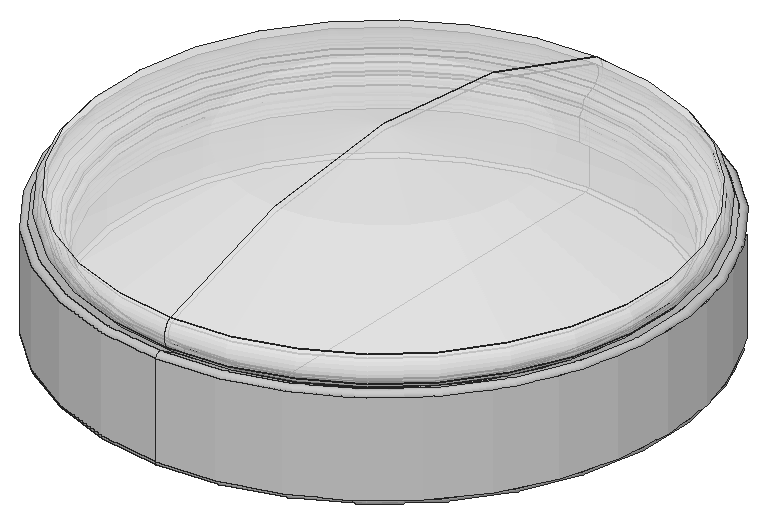
Revit family "2-6135-24 Journey", category Lighting Fixtures, Revit 2014
Parameters
  Wattage = 5.29143 W
  built-in parameter 1150110 = 1 (stored number, unit not read)
  URL = "http://www.oxygenlighting.com"
  Type Comments = "Lighting - Fluorescent"
  built-in parameter 1114217 = 1 (stored number, unit not read)
  Tilt Angle = -90.00°
  built-in parameter 1150109 = 1 (stored number, unit not read)
  built-in parameter 1150134 = 9
  built-in parameter 1150113 = 1 (stored number, unit not read)
  Product Documentation Link = "http://oxygenlighting.com.s3.amazonaws.com/downloads/cutsheets/2-6135-24.pdf"
  Photometric Web File = "2-6135-24 Journey  14 ITL77199.IES"
  Model = "2-6114-24"
  Metal Finish = Satin Nickel
  Manufacturer = "Oxygen Lighting"
  built-in parameter 1150105 = 47.574 (stored number, unit not read)
  Lumens = 786 lm
  built-in parameter 1150115 = 1 (stored number, unit not read)
  built-in parameter 1150137 = (empty or 0)
  built-in parameter 1150139 = (empty or 0)
  built-in parameter 1150112 = 1 (stored number, unit not read)
  Lamp Manufacturer = "Sylvania CF26DD/E/830"
  built-in parameter 1150114 = 1 (stored number, unit not read)
  Lamp = "2x26W Double Twin Tube Compact Fluorescent"
  Junction Box = "4' Octagonal"
  Input Voltage (Volts AC) = "120"
  Power Factor = "0.99"
  Input Power (Watts) = "41.8"
  Input Current (Amps AC) = ""
  built-in parameter 1150132 = 2
  built-in parameter 1150102 = (empty or 0)
  built-in parameter 1150107 = 3450 (stored number, unit not read)
  built-in parameter 1150138 = (empty or 0)
  built-in parameter 1150106 = 0.47574 (stored number, unit not read)
  Fixture Height = 0' - 4.50049"
  Fixture Diameter = 1' - 2.05556"
  Emit from Circle Diameter = 2' - 0"
  Emit Shape Visible in Rendering = no
  Efficacy (lm/W) = ""
  built-in parameter 1150104 = 13.8 (stored number, unit not read)
  Dimming Lamp Color Temperature Shift = <None>
  Diffuser = Matte White Acrylic
  Description = "14\" dia. ceiling mount"
  Default Elevation = 4' - 0"
  Color Filter = 16777215
  Ballast Manufacturer = "Antron Electronics CSS-UV42PS"
  built-in parameter 1114218 = 1 (stored number, unit not read)
  built-in parameter 1150133 = 10 (stored number, unit not read)
  Apparent Load = 41.8 VA
Reference planes (in)
  plane 1 "Light Source Axis (F/B)": y = 0
  plane 2: z = 0
  plane 3 "Light Source Axis (L/R)": x = 0
  plane 4 "Light Source Elevation": z = 4.50049
  plane 5: x = -7.02778
  plane 6: x = 7.02778
  plane 7: y = -6.97
  plane 8: y = 6.97
  plane 9: z = 4.50049
Forms (in)
  Revolve 1, solid, material "Satin Nickel" <- "Metal Finish"
    sketch origin (0, 0, 0) x (0, 1, 0) y (0, 0, 1)
      loop
        arc (7.02778, 2.38948) -> (6.97625, 2.48294) -> (6.86901, 2.49072) r 0.11052
        line (6.86901, 2.49072) -> (6.40441, 2.25827)
        arc (6.40441, 2.25827) -> (6.35356, 2.21179) -> (6.33474, 2.14552) r 0.12608
        line (6.33474, 2.14552) -> (6.33474, 1.96661)
        arc (6.33474, 1.96661) -> (6.32326, 1.9305) -> (6.29304, 1.90764) r 0.06255
        arc (6.29304, 1.90764) -> (6.20964, 1.7897) -> (6.29304, 1.67176) r 0.12509
        arc (6.29304, 1.67176) -> (6.32326, 1.6489) -> (6.33474, 1.61279) r 0.06255
        line (6.33474, 1.61279) -> (6.33474, 0.31434)
        arc (6.33474, 0.31434) -> (6.30061, 0.26777) -> (6.24567, 0.25) r 0.09382
        line (6.24567, 0.25) -> (0, 0.25) -> (0, 0) -> (6.91725, 0)
        arc (6.91725, 0) -> (6.99541, 0.03237) -> (7.02778, 0.11052) r 0.11052
        line (7.02778, 0.11052) -> (7.02778, 2.38948)
      axis (0, 2.49072) -> (0, 0)
    angle from 0 to 360
  Revolve 2, solid, material "Matte White Acrylic" <- "Diffuser"
    sketch origin (0, 0, 0) x (0, 1, 0) y (0, 0, 1)
      loop
        line (0, 4.50049) -> (0, 4.35745)
        arc (0, 4.35745) -> (3.33722, 4.00672) -> (6.5289, 2.97079) r 16.07473
        arc (6.5289, 2.97079) -> (6.62629, 2.74506) -> (6.54356, 2.51356) r 0.33537
        arc (6.54356, 2.51356) -> (6.49818, 2.47148) -> (6.44779, 2.43554) r 0.48243
        line (6.44779, 2.43554) -> (6.25085, 2.36184)
        arc (6.25085, 2.36184) -> (6.18011, 2.3068) -> (6.15335, 2.22125) r 0.15011
        line (6.15335, 2.22125) -> (6.15335, 2.12586)
        arc (6.15335, 2.12586) -> (6.08474, 2.05925) -> (6.05953, 1.96701) r 0.18139
        line (6.05953, 1.96701) -> (6.05953, 1.43138) -> (6.20964, 1.43138)
        arc (6.20964, 1.43138) -> (6.25387, 1.4497) -> (6.27219, 1.49393) r 0.06255
        line (6.27219, 1.49393) -> (6.27219, 1.63115)
        arc (6.27219, 1.63115) -> (6.25387, 1.67537) -> (6.20964, 1.69369) r 0.06255
        line (6.20964, 1.69369) -> (6.20964, 1.96701)
        arc (6.20964, 1.96701) -> (6.21619, 1.98616) -> (6.2331, 1.99729) r 0.03127
        arc (6.2331, 1.99729) -> (6.28382, 2.03067) -> (6.30347, 2.08813) r 0.09382
        line (6.30347, 2.08813) -> (6.30347, 2.22125) -> (6.52771, 2.3281)
        arc (6.52771, 2.3281) -> (6.62006, 2.40684) -> (6.69783, 2.5) r 0.71781
        arc (6.69783, 2.5) -> (6.76189, 2.82275) -> (6.58702, 3.10149) r 0.44564
        arc (6.58702, 3.10149) -> (3.36692, 4.14663) -> (0, 4.50049) r 16.21777
      axis (0, 4.50049) -> (0, 1.43138)
    angle from 0 to 360
  Revolve 3, solid, material "Satin Nickel" <- "Metal Finish", not visible
    sketch origin (0, 0, 0) x (0, 1, 0) y (0, 0, 1)
      loop
        arc (7.02778, 2.38948) -> (6.97625, 2.48294) -> (6.86901, 2.49072) r 0.11052
        line (6.86901, 2.49072) -> (6.40441, 2.25827)
        arc (6.40441, 2.25827) -> (6.35356, 2.21179) -> (6.33474, 2.14552) r 0.12608
        line (6.33474, 2.14552) -> (6.33474, 1.96661)
        arc (6.33474, 1.96661) -> (6.32326, 1.9305) -> (6.29304, 1.90764) r 0.06255
        arc (6.29304, 1.90764) -> (6.20964, 1.7897) -> (6.29304, 1.67176) r 0.12509
        arc (6.29304, 1.67176) -> (6.32326, 1.6489) -> (6.33474, 1.61279) r 0.06255
        line (6.33474, 1.61279) -> (6.33474, 0.31434)
        arc (6.33474, 0.31434) -> (6.30061, 0.26777) -> (6.24567, 0.25) r 0.09382
        line (6.24567, 0.25) -> (0, 0.25) -> (0, 0) -> (6.91725, 0)
        arc (6.91725, 0) -> (6.99541, 0.03237) -> (7.02778, 0.11052) r 0.11052
        line (7.02778, 0.11052) -> (7.02778, 2.38948)
      axis (0, 2.49072) -> (0, 0)
    angle from 0 to 360
  Revolve 4, solid, material "Matte White Acrylic" <- "Diffuser", not visible
    sketch origin (0, 0, 0) x (0, 1, 0) y (0, 0, 1)
      loop
        line (0, 4.50049) -> (0, 4.35745)
        arc (0, 4.35745) -> (3.33722, 4.00672) -> (6.5289, 2.97079) r 16.07473
        arc (6.5289, 2.97079) -> (6.62629, 2.74506) -> (6.54356, 2.51356) r 0.33537
        arc (6.54356, 2.51356) -> (6.49818, 2.47148) -> (6.44779, 2.43554) r 0.48243
        line (6.44779, 2.43554) -> (6.25085, 2.36184)
        arc (6.25085, 2.36184) -> (6.18011, 2.3068) -> (6.15335, 2.22125) r 0.15011
        line (6.15335, 2.22125) -> (6.15335, 2.12586)
        arc (6.15335, 2.12586) -> (6.08474, 2.05925) -> (6.05953, 1.96701) r 0.18139
        line (6.05953, 1.96701) -> (6.05953, 1.43138) -> (6.20964, 1.43138)
        arc (6.20964, 1.43138) -> (6.25387, 1.4497) -> (6.27219, 1.49393) r 0.06255
        line (6.27219, 1.49393) -> (6.27219, 1.63115)
        arc (6.27219, 1.63115) -> (6.25387, 1.67537) -> (6.20964, 1.69369) r 0.06255
        line (6.20964, 1.69369) -> (6.20964, 1.96701)
        arc (6.20964, 1.96701) -> (6.21619, 1.98616) -> (6.2331, 1.99729) r 0.03127
        arc (6.2331, 1.99729) -> (6.28382, 2.03067) -> (6.30347, 2.08813) r 0.09382
        line (6.30347, 2.08813) -> (6.30347, 2.22125) -> (6.52771, 2.3281)
        arc (6.52771, 2.3281) -> (6.62006, 2.40684) -> (6.69783, 2.5) r 0.71781
        arc (6.69783, 2.5) -> (6.76189, 2.82275) -> (6.58702, 3.10149) r 0.44564
        arc (6.58702, 3.10149) -> (3.36692, 4.14663) -> (0, 4.50049) r 16.21777
      axis (0, 4.50049) -> (0, 1.43138)
    angle from 0 to 360
Dimensions and locks (in)
  "Fixture Diameter": plane 5 to plane 6
  equal spacing: plane 5, plane 3 "Light Source Axis (L/R)", plane 6, locked at 7.02778 each
  locked: plane 8 to plane 7 at 13.94
  "Fixture Height": plane 9 to level
  aligned and locked: level to plane 2
Automatic sketch dimensions
  Revolve 1 sketch curve to Revolve 1 sketch curve = 0' - 0"  (x3)
  Revolve 1 sketch curve to Revolve 1 sketch curve = 0' - 0.06255"  (x2)
  Revolve 1 sketch curve to Revolve 1 sketch curve = 0' - 0.12608"
  Revolve 1 sketch curve to Revolve 1 sketch curve = 0' - 0.06434"
  Revolve 1 sketch curve to Revolve 1 sketch curve = 0' - 1.26897"
  Revolve 1 sketch curve to Revolve 1 sketch curve = 0' - 0.17691"  (x2)
  Revolve 1 sketch curve to Revolve 1 sketch curve = 0' - 0.17891"
  Revolve 1 sketch curve to Revolve 1 sketch curve = 0' - 0.24396"
  Revolve 1 sketch curve to Revolve 1 sketch curve = 0' - 0.05641"
  Revolve 1 sketch curve to Revolve 1 sketch curve = 0' - 0.0007"
  Revolve 1 sketch curve to Revolve 1 sketch curve = 0' - 0.00147"
  Revolve 2 sketch curve to Revolve 2 sketch curve = 0' - 0"  (x13)
  Revolve 2 sketch curve to Revolve 2 sketch curve = 0' - 0.09382"
  Revolve 2 sketch curve to Revolve 2 sketch curve = 0' - 0.08364"
  Revolve 2 sketch curve to Revolve 2 sketch curve = 0' - 0.15011"  (x2)
  Revolve 2 sketch curve to Revolve 2 sketch curve = 0' - 0.05629"
  Revolve 2 sketch curve to Revolve 2 sketch curve = 0' - 0.03127"
  Revolve 2 sketch curve to Revolve 2 sketch curve = 0' - 0.0975"
  Revolve 2 sketch curve to Revolve 2 sketch curve = 0' - 0.06255"
  Revolve 2 sketch curve to Revolve 2 sketch curve = 0' - 0.09761"
  Revolve 2 sketch curve to Revolve 2 sketch curve = 0' - 0.03253"
  Revolve 2 sketch curve to Revolve 2 sketch curve = 0' - 0.19694"
  Revolve 2 sketch curve to Revolve 2 sketch curve = 0' - 0.07993"
  Revolve 2 sketch curve to Revolve 2 sketch curve = 0' - 0.14304"
  Revolve 2 sketch curve to Revolve 2 sketch curve = 0' - 0.06624"
  Revolve 2 sketch curve to Revolve 2 sketch curve = 0' - 0.10349"
  Revolve 2 sketch curve to Revolve 2 sketch curve = 0' - 0.0077"
  Revolve 2 sketch curve to Revolve 2 sketch curve = 0' - 0.30647"
  Revolve 2 sketch curve to Revolve 2 sketch curve = 0' - 0.0737"
  Revolve 2 sketch curve to Revolve 2 sketch curve = 0' - 0.10744"
  Revolve 2 sketch curve to Revolve 2 sketch curve = 0' - 0.0954"
  Revolve 2 sketch curve to Revolve 2 sketch curve = 0' - 0.03773"
  Revolve 2 sketch curve to Revolve 2 sketch curve = 0' - 0.27331"
  Revolve 2 sketch curve to Revolve 2 sketch curve = 0' - 0.13722"
  Revolve 2 sketch curve to Revolve 2 sketch curve = 0' - 0.20528"
  Revolve 2 sketch curve to Revolve 2 sketch curve = 0' - 0.05812"
  Revolve 2 sketch curve to Revolve 2 sketch curve = 0' - 1 1/2"
  Revolve 1 sketch curve to Revolve 1 sketch curve = 0' - 6.24567"
  Revolve 1 sketch curve to Revolve 1 sketch curve = 0' - 0.02652"
  Revolve 1 sketch curve to Revolve 1 sketch curve = 0' - 0.58251"
  Revolve 1 sketch curve to Revolve 1 sketch curve = 0' - 0.45643"
  Revolve 1 sketch curve to Revolve 1 sketch curve = 0' - 0.11052"
  Revolve 1 sketch curve to Revolve 1 sketch curve = 0' - 0.13948"
  Revolve 1 sketch curve to Revolve 1 sketch curve = 0' - 6.91725"
  Revolve 1 sketch curve to Revolve 1 sketch curve = 0' - 0.04824"
  Revolve 1 sketch curve to Revolve 1 sketch curve = 2' - 0"
  Revolve 1 sketch curve to Revolve 1 sketch curve = 7' - 7.23597"
  Revolve 2 sketch curve to Revolve 2 sketch curve = 0' - 0.00238"
  Revolve 2 sketch curve to Revolve 2 sketch curve = 0' - 6.05953"
  Revolve 2 sketch curve to Revolve 2 sketch curve = 0' - 0.141"
  Revolve 2 sketch curve to Revolve 2 sketch curve = 1' - 1.14866"
  Revolve 2 sketch curve to Revolve 2 sketch curve = 0' - 1.4457"
  Revolve 3 sketch curve to Revolve 3 sketch curve = 0' - 0"  (x3)
  Revolve 3 sketch curve to Revolve 3 sketch curve = 0' - 0.06255"  (x2)
  Revolve 3 sketch curve to Revolve 3 sketch curve = 0' - 0.12608"
  Revolve 3 sketch curve to Revolve 3 sketch curve = 0' - 0.06434"
  Revolve 3 sketch curve to Revolve 3 sketch curve = 0' - 1.26897"
  Revolve 3 sketch curve to Revolve 3 sketch curve = 0' - 0.17691"  (x2)
  Revolve 3 sketch curve to Revolve 3 sketch curve = 0' - 0.17891"
  Revolve 3 sketch curve to Revolve 3 sketch curve = 0' - 0.24396"
  Revolve 3 sketch curve to Revolve 3 sketch curve = 0' - 0.05641"
  Revolve 3 sketch curve to Revolve 3 sketch curve = 0' - 0.0007"
  Revolve 3 sketch curve to Revolve 3 sketch curve = 0' - 0.00147"
  Revolve 4 sketch curve to Revolve 4 sketch curve = 0' - 0"  (x13)
  Revolve 4 sketch curve to Revolve 4 sketch curve = 0' - 0.09382"
  Revolve 4 sketch curve to Revolve 4 sketch curve = 0' - 0.08364"
  Revolve 4 sketch curve to Revolve 4 sketch curve = 0' - 0.15011"  (x2)
  Revolve 4 sketch curve to Revolve 4 sketch curve = 0' - 0.05629"
  Revolve 4 sketch curve to Revolve 4 sketch curve = 0' - 0.03127"
  Revolve 4 sketch curve to Revolve 4 sketch curve = 0' - 0.0975"
  Revolve 4 sketch curve to Revolve 4 sketch curve = 0' - 0.06255"
  Revolve 4 sketch curve to Revolve 4 sketch curve = 0' - 0.09761"
  Revolve 4 sketch curve to Revolve 4 sketch curve = 0' - 0.03253"
  Revolve 4 sketch curve to Revolve 4 sketch curve = 0' - 0.19694"
  Revolve 4 sketch curve to Revolve 4 sketch curve = 0' - 0.07993"
  Revolve 4 sketch curve to Revolve 4 sketch curve = 0' - 0.14304"
  Revolve 4 sketch curve to Revolve 4 sketch curve = 0' - 0.06624"
  Revolve 4 sketch curve to Revolve 4 sketch curve = 0' - 0.10349"
  Revolve 4 sketch curve to Revolve 4 sketch curve = 0' - 0.0077"
  Revolve 4 sketch curve to Revolve 4 sketch curve = 0' - 0.30647"
  Revolve 4 sketch curve to Revolve 4 sketch curve = 0' - 0.0737"
  Revolve 4 sketch curve to Revolve 4 sketch curve = 0' - 0.10744"
  Revolve 4 sketch curve to Revolve 4 sketch curve = 0' - 0.0954"
  Revolve 4 sketch curve to Revolve 4 sketch curve = 0' - 0.03773"
  Revolve 4 sketch curve to Revolve 4 sketch curve = 0' - 0.27331"
  Revolve 4 sketch curve to Revolve 4 sketch curve = 0' - 0.13722"
  Revolve 4 sketch curve to Revolve 4 sketch curve = 0' - 0.20528"
  Revolve 4 sketch curve to Revolve 4 sketch curve = 0' - 0.05812"
  Revolve 4 sketch curve to Revolve 4 sketch curve = 0' - 1 1/2"
  Revolve 3 sketch curve to Revolve 3 sketch curve = 0' - 6.24567"
  Revolve 3 sketch curve to Revolve 3 sketch curve = 0' - 0.02652"
  Revolve 3 sketch curve to Revolve 3 sketch curve = 0' - 0.58251"
  Revolve 3 sketch curve to Revolve 3 sketch curve = 0' - 0.45643"
  Revolve 3 sketch curve to Revolve 3 sketch curve = 0' - 0.11052"
  Revolve 3 sketch curve to Revolve 3 sketch curve = 0' - 0.13948"
  Revolve 3 sketch curve to Revolve 3 sketch curve = 0' - 6.91725"
  Revolve 3 sketch curve to Revolve 3 sketch curve = 0' - 0.04824"
  Revolve 3 sketch curve to Revolve 3 sketch curve = 2' - 0"
  Revolve 3 sketch curve to Revolve 3 sketch curve = 7' - 7.23597"
  Revolve 4 sketch curve to Revolve 4 sketch curve = 0' - 0.00238"
  Revolve 4 sketch curve to Revolve 4 sketch curve = 0' - 6.05953"
  Revolve 4 sketch curve to Revolve 4 sketch curve = 0' - 0.141"
  Revolve 4 sketch curve to Revolve 4 sketch curve = 1' - 1.14866"
  Revolve 4 sketch curve to Revolve 4 sketch curve = 0' - 1.4457"
